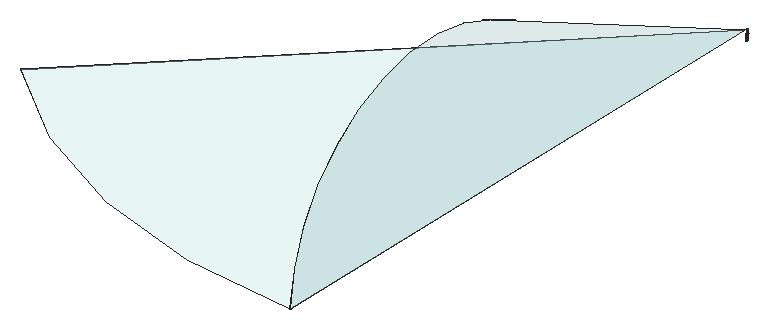
Revit family "Rotor 5000 Series - 5004+FCSAM", category Acessórios do tubo, Revit 2020
Family settings
  Cota do conector redondo = Utilizar diâmetro
  Tipo de parte = Normal
  Número OmniClass = 23.60.30.11.14
  Título OmniClass = Pipework Fittings
  Com base no plano de trabalho = Não
  Sempre na vertical = Sim
  Corte com vazios quando carregada = Não
  Compartilhado = Não
Parameters (values of type "Rain Curtain 6.0")
  Water = Water
  URL = "https://www.rainbird.com/"
  TABLE 65 = "TABLE 65psi"
  TABLE 55 75 = "TABLE 55 75psi"
  TABLE 55 = "TABLE 55psi"
  TABLE 45 = "TABLE 45psi"
  TABLE 35 = "TABLE 35psi"
  TABLE 25 = "TABLE 25psi"
  SupportProjetos: Reviw Date = ""  # constant formula
  SupportProjetos: Reviw = "R00"  # constant formula
  SupportProjetos: Level of Detail = "LOD 300"  # constant formula
  SupportProjetos: Developed = "MICHEL SOARES MOTA"  # constant formula
  SupportProjetos: Creation Date = "07/08/2020"  # constant formula
  Side inlet = no
  Rotation Water Visibility [instance] = Pop up on  # yes
  Rotation Angle [instance] = 45.00°
  RainBird: Product Link = "https://www.rainbird.com/"
  RainBird: Description = "5004+FC-SAM Rotor "  # constant formula
  RainBird: Comment [instance] = ""
  RainBird: Code = ""  # constant formula
  Radius [instance] = if(and(Pressure = 25.0 psi, Instance < 25 ft), size_lookup(TABLE 25, "Radius", 0 ft, Instance), if(and(Pressure = 35.0 psi, Instance < 25 ft), size_lookup(TABLE 35, "Radius", 0 ft, Instance), if(and(Pressure = 45.0 psi, Instance < 25 ft), size_lookup(TABLE 45, "Radius", 0 ft, Instance), if(and(Pressure = 55.0 psi, Instance < 13 ft), size_lookup(TABLE 55, "Radius", 0 ft, Instance), if(and(Pressure = 65.0 psi, Instance < 13 ft), size_lookup(TABLE 65, "Radius", 0 ft, Instance), if(and(Pressure > 55.0 psi, Instance > 13 ft), size_lookup(TABLE 55 75, "Radius", 0 ft, Instance), 0 ft))))))  # 50 ft
  RT = 0.009893 ft
  RN = 0.032808 ft
  R5 = 0.03937 ft
  R4 = 0.04101 ft
  R3 = 0.065617 ft
  R2 = 0.075407 ft
  R1 = 0.032808 ft
  Pressure [instance] = 55.0 psi
  Pop up height = 0.334646 ft
  Pop up on [instance] = yes
  Modelo = "5004+FCSAM"  # constant formula
  Instance = 7 ft
  H1 = Body height / 3  # 0.194663 ft
  Flow [instance] = if(and(Pressure = 25.0 psi, Instance < 25 ft), size_lookup(TABLE 25, "Flow", 0.0 GPM, Instance), if(and(Pressure = 35.0 psi, Instance < 25 ft), size_lookup(TABLE 35, "Flow", 0.0 GPM, Instance), if(and(Pressure = 45.0 psi, Instance < 25 ft), size_lookup(TABLE 45, "Flow", 0.0 GPM, Instance), if(and(Pressure = 55.0 psi, Instance < 13 ft), size_lookup(TABLE 55, "Flow", 0.0 GPM, Instance), if(and(Pressure = 65.0 psi, Instance < 13 ft), size_lookup(TABLE 65, "Flow", 0.0 GPM, Instance), if(and(Pressure > 55.0 psi, Instance > 13 ft), size_lookup(TABLE 55 75, "Flow", 0.0 GPM, Instance), 0.0 GPM))))))  # 6.63 GPM
  Fabricante = "Rain Bird"
  Elevação padrão = 0 ft
  Description = RainBird: Description  # "5004+FC-SAM Rotor "
  DD13 = 0.002625 ft
  DD12 = 0.003937 ft
  DD11 = 0.009897 ft
  DD10 = 0.016404 ft
  DD8 [instance] = if(Pop up on, Pop up height, 0 ft)  # 0.334646 ft
  DD7 = 0.019685 ft
  DD6 [instance] = 0.016404 ft
  DD5 = 0.065617 ft
  DD4 = 0.032808 ft
  DD3 = 0.091048 ft
  DD2 [instance] = 0.024514 ft
  DD9 [instance] = if(Pop up on, Pop up height + 0.049541 ft, 0 ft)  # 0.384186 ft
  DD1 = 0.006562 ft
  Conection = 0.062664 ft  # constant formula
  Body height = 0.58399 ft
  Blue = Blue Plastic
  Black Plastic = Black Plastic
  Angle = 25.00°
Types (25, lengths in ft): name | Rotation Angle | Radius | Pressure | Instance | Flow
  (no name) | 45.00° | 50 | 55.0 psi | 7 | 6.63 GPM
  Rain Curtain 1.5 | 180.00° | 33 | 25.0 psi | 1 | 1.12 GPM
  Rain Curtain 2.0 | 180.00° | 35 | 25.0 psi | 2 | 1.5 GPM
  Rain Curtain 3.0 | 180.00° | 36 | 25.0 psi | 4 | 2.26 GPM
  Rain Curtain 4.0 | 180.00° | 36 | 25.0 psi | 5 | 2.91 GPM
  Rain Curtain 5.0 | 180.00° | 37 | 25.0 psi | 6 | 3.72 GPM
  Rain Curtain 6.0 | 45.00° | 50 | 55.0 psi | 7 | 6.63 GPM
  Rain Curtain 8.0 | 180.00° | 33 | 25.0 psi | 8 | 5.9 GPM
  Rain Curtain 2.5 | 180.00° | 35 | 25.0 psi | 3 | 1.81 GPM
  1.0 LA | 180.00° | 25 | 25.0 psi | 9 | 0.76 GPM
  1.5 LA | 180.00° | 27 | 25.0 psi | 10 | 1.15 GPM
  2.0 LA | 180.00° | 29 | 25.0 psi | 11 | 1.47 GPM
  3.0 LA | 180.00° | 29 | 25.0 psi | 12 | 2.23 GPM
  PRS Rain Curtain 1.5 | 180.00° | 33 | 25.0 psi | 13 | 1.12 GPM
  PRS Rain Curtain 2.0 | 180.00° | 35 | 25.0 psi | 14 | 1.5 GPM
  PRS Rain Curtain 2.5 | 180.00° | 35 | 25.0 psi | 15 | 1.81 GPM
  PRS Rain Curtain 3.0 | 180.00° | 36 | 25.0 psi | 16 | 2.26 GPM
  PRS Rain Curtain 4.0 | 180.00° | 36 | 25.0 psi | 17 | 2.91 GPM
  PRS Rain Curtain 5.0 | 180.00° | 37 | 25.0 psi | 18 | 3.72 GPM
  PRS Rain Curtain 6.0 | 180.00° | 37 | 25.0 psi | 19 | 4.25 GPM
  PRS Rain Curtain 8.0 | 180.00° | 33 | 25.0 psi | 20 | 5.9 GPM
  PRS 1.0 LA | 180.00° | 25 | 25.0 psi | 21 | 0.76 GPM
  PRS 1.5 LA | 180.00° | 27 | 25.0 psi | 22 | 1.15 GPM
  PRS 2.0 LA | 180.00° | 29 | 25.0 psi | 23 | 1.47 GPM
  PRS 3.0 LA | 180.00° | 29 | 25.0 psi | 24 | 2.23 GPM
Reference planes (ft)
  plane 1 "Centro (Frente/Trás)": y = 0
  plane 2: z = 0
  plane 3 "Centro (Esquerda/Direita)": x = 0
  plane 4: z = 0.003937
  plane 5: z = 0.002625
  plane 6: y = -0.065617
Forms (ft)
  Revolve 1, solid, material "Black Plastic" <- "Black Plastic"
    sketch origin (0, 0, 0) x (1, 0, 0) y (0, 0, 1)
      loop
        line (0.075407, -0.091048) -> (0.075407, -0.035324)
        arc (0.075407, -0.035324) -> (0.072509, -0.028329) -> (0.065514, -0.025431) r 0.009893
        line (0.065514, -0.025431) -> (0.046098, -0.025431) -> (0.046098, 0) -> (0.03937, 0) -> (0.03937, -0.334646) -> (0.019685, -0.334646) -> (0.019685, -0.577428) -> (0.032808, -0.577428) -> (0.032808, -0.58399) -> (0.04101, -0.58399) -> (0.04101, -0.577428) -> (0.055724, -0.577428)
        arc (0.055724, -0.577428) -> (0.062719, -0.57453) -> (0.065617, -0.567535) r 0.009893
        line (0.065617, -0.567535) -> (0.065617, -0.091048) -> (0.075407, -0.091048)
      axis (0, -0.58399) -> (0, 0)
    angle from 0 to 360
  Extrusion 2, solid, material "Black Plastic" <- "Black Plastic"
    sketch origin (0, 0, 0) x (1, 0, 0) y (0, 1, 0)
      loop
        circle (0, 0) r 0.032808
    from -0.334646 to 0.334646
  Extrusion 3, void
    sketch origin (0, 0, 0) x (1, 0, 0) y (0, 1, 0)
      loop
        circle (0, 0) r 0.022844
    from -0.334646 to 0.334646
  Revolve 4, solid, material "Black Plastic" <- "Black Plastic"
    sketch origin (0, 0, 0) x (1, 0, 0) y (0, 0, 1)
      loop
        line (0, 0.334646) -> (0.037004, 0.334646) -> (0.037004, 0.344543)
        arc (0.037004, 0.344543) -> (0.01879, 0.349436) -> (0, 0.35105) r 0.10685
        line (0, 0.35105) -> (0, 0.334646)
      axis (0, 0.334646) -> (0, 0.35105)
    angle from 0 to 360
  Extrusion 5, solid, material "Blue Plastic" <- "Blue"
    sketch origin (0, 0, 0) x (1, 0, 0) y (0, 0, 1)
      loop
        circle (0, 0.310131) r 0.009129
      loop
        circle (0, 0.310131) r 0.004793
    from 0 to 0.034386
  Extrusion 6, void
    sketch origin (0, 0, 0) x (1, 0, 0) y (0, 0, 1)
      loop
        line (-0.02074, 0.328055) -> (-0.02074, 0.282426) -> (0.020672, 0.282426) -> (0.020672, 0.328055) -> (-0.02074, 0.328055)
      loop
        line (-0.018439, 0.325179) -> (-0.018439, 0.285685) -> (0.018179, 0.285685) -> (0.018179, 0.325179) -> (-0.018439, 0.325179)
    from 0.024556 to 0.06931
  Extrusion 7, solid, material "Black Plastic" <- "Black Plastic"
    sketch origin (0, 0, 0) x (1, 0, 0) y (0, 0, 1)
      loop
        line (0.046098, 0) -> (0.046098, -0.036876) -> (0.073493, -0.036876) -> (0.046098, 0)
    from -0.002998 to 0.002998
  Extrusion 8, solid, material "Black Plastic" <- "Black Plastic"
    sketch origin (0, 0, 0) x (-1, 0, 0) y (0, 0, -1)
      loop
        line (0.046098, 0) -> (0.073493, 0.036876) -> (0.046098, 0.036876) -> (0.046098, 0)
    from -0.002998 to 0.002998
  Extrusion 9, solid, material "Black Plastic" <- "Black Plastic"
    sketch origin (0, 0, 0) x (0.866025, 0.5, 0) y (0, 0, 1)
      loop
        line (0.046098, 0) -> (0.046098, -0.036876) -> (0.073493, -0.036876) -> (0.046098, 0)
    from -0.002998 to 0.002998
  Extrusion 10, solid, material "Black Plastic" <- "Black Plastic"
    sketch origin (0, 0, 0) x (-0.866025, -0.5, 0) y (0, 0, -1)
      loop
        line (0.046098, 0) -> (0.073493, 0.036876) -> (0.046098, 0.036876) -> (0.046098, 0)
    from -0.002998 to 0.002998
  Extrusion 11, solid, material "Black Plastic" <- "Black Plastic"
    sketch origin (0, 0, 0) x (0, 1, 0) y (0, 0, 1)
      loop
        line (0.046098, 0) -> (0.046098, -0.036876) -> (0.073493, -0.036876) -> (0.046098, 0)
    from -0.002998 to 0.002998
  Extrusion 12, solid, material "Black Plastic" <- "Black Plastic"
    sketch origin (0, 0, 0) x (0, -1, 0) y (0, 0, -1)
      loop
        line (0.046098, 0) -> (0.073493, 0.036876) -> (0.046098, 0.036876) -> (0.046098, 0)
    from -0.002998 to 0.002998
  Extrusion 13, solid, material "Black Plastic" <- "Black Plastic"
    sketch origin (0, 0, 0) x (0.5, 0.866025, 0) y (0, 0, 1)
      loop
        line (0.046098, 0) -> (0.046098, -0.036876) -> (0.073493, -0.036876) -> (0.046098, 0)
    from -0.002998 to 0.002998
  Extrusion 14, solid, material "Black Plastic" <- "Black Plastic"
    sketch origin (0, 0, 0) x (-0.5, -0.866025, 0) y (0, 0, -1)
      loop
        line (0.046098, 0) -> (0.073493, 0.036876) -> (0.046098, 0.036876) -> (0.046098, 0)
    from -0.002998 to 0.002998
  Extrusion 15, solid, material "Black Plastic" <- "Black Plastic"
    sketch origin (0, 0, 0) x (-0.5, 0.866025, 0) y (0, 0, 1)
      loop
        line (0.046098, 0) -> (0.046098, -0.036876) -> (0.073493, -0.036876) -> (0.046098, 0)
    from -0.002998 to 0.002998
  Extrusion 16, solid, material "Black Plastic" <- "Black Plastic"
    sketch origin (0, 0, 0) x (0.5, -0.866025, 0) y (0, 0, -1)
      loop
        line (0.046098, 0) -> (0.073493, 0.036876) -> (0.046098, 0.036876) -> (0.046098, 0)
    from -0.002998 to 0.002998
  Extrusion 17, solid, material "Black Plastic" <- "Black Plastic"
    sketch origin (0, 0, 0) x (-0.866025, 0.5, 0) y (0, 0, 1)
      loop
        line (0.046098, 0) -> (0.046098, -0.036876) -> (0.073493, -0.036876) -> (0.046098, 0)
    from -0.002998 to 0.002998
  Extrusion 18, solid, material "Black Plastic" <- "Black Plastic"
    sketch origin (0, 0, 0) x (0.866025, -0.5, 0) y (0, 0, -1)
      loop
        line (0.046098, 0) -> (0.073493, 0.036876) -> (0.046098, 0.036876) -> (0.046098, 0)
    from -0.002998 to 0.002998
  Extrusion 19, void
    sketch origin (0, 0, 0) x (1, 0, 0) y (0, 1, 0)
      loop
        line (-0.002998, 0.077702) -> (-0.002998, 0.071655) -> (0.002998, 0.071655) -> (0.002998, 0.077702) -> (-0.002998, 0.077702)
    from -0.091048 to 0.82021
  Extrusion 20, void
    sketch origin (0, 0, 0) x (1, 0, 0) y (0, 1, 0)
      loop
        line (0.002998, -0.077702) -> (0.002998, -0.071655) -> (-0.002998, -0.071655) -> (-0.002998, -0.077702) -> (0.002998, -0.077702)
    from -0.091048 to 0.82021
  Extrusion 21, void
    sketch origin (0, 0, 0) x (0.965926, 0.258819, 0) y (-0.258819, 0.965926, 0)
      loop
        line (-0.002998, 0.077702) -> (-0.002998, 0.071655) -> (0.002998, 0.071655) -> (0.002998, 0.077702) -> (-0.002998, 0.077702)
    from -0.091048 to 0.82021
  Extrusion 22, void
    sketch origin (0, 0, 0) x (0.965926, 0.258819, 0) y (-0.258819, 0.965926, 0)
      loop
        line (0.002998, -0.077702) -> (0.002998, -0.071655) -> (-0.002998, -0.071655) -> (-0.002998, -0.077702) -> (0.002998, -0.077702)
    from -0.091048 to 0.82021
  Extrusion 23, void
    sketch origin (0, 0, 0) x (0.866025, 0.5, 0) y (-0.5, 0.866025, 0)
      loop
        line (-0.002998, 0.077702) -> (-0.002998, 0.071655) -> (0.002998, 0.071655) -> (0.002998, 0.077702) -> (-0.002998, 0.077702)
    from -0.091048 to 0.82021
  Extrusion 24, void
    sketch origin (0, 0, 0) x (0.866025, 0.5, 0) y (-0.5, 0.866025, 0)
      loop
        line (0.002998, -0.077702) -> (0.002998, -0.071655) -> (-0.002998, -0.071655) -> (-0.002998, -0.077702) -> (0.002998, -0.077702)
    from -0.091048 to 0.82021
  Extrusion 25, void
    sketch origin (0, 0, 0) x (0.5, 0.866025, 0) y (-0.866025, 0.5, 0)
      loop
        line (-0.002998, 0.077702) -> (-0.002998, 0.071655) -> (0.002998, 0.071655) -> (0.002998, 0.077702) -> (-0.002998, 0.077702)
    from -0.091048 to 0.82021
  Extrusion 26, void
    sketch origin (0, 0, 0) x (0.5, 0.866025, 0) y (-0.866025, 0.5, 0)
      loop
        line (0.002998, -0.077702) -> (0.002998, -0.071655) -> (-0.002998, -0.071655) -> (-0.002998, -0.077702) -> (0.002998, -0.077702)
    from -0.091048 to 0.82021
  Extrusion 27, void
    sketch origin (0, 0, 0) x (0.707107, 0.707107, 0) y (-0.707107, 0.707107, 0)
      loop
        line (-0.002998, 0.077702) -> (-0.002998, 0.071655) -> (0.002998, 0.071655) -> (0.002998, 0.077702) -> (-0.002998, 0.077702)
    from -0.091048 to 0.82021
  Extrusion 28, void
    sketch origin (0, 0, 0) x (0.707107, 0.707107, 0) y (-0.707107, 0.707107, 0)
      loop
        line (0.002998, -0.077702) -> (0.002998, -0.071655) -> (-0.002998, -0.071655) -> (-0.002998, -0.077702) -> (0.002998, -0.077702)
    from -0.091048 to 0.82021
  Extrusion 29, void
    sketch origin (0, 0, 0) x (0.258819, 0.965926, 0) y (-0.965926, 0.258819, 0)
      loop
        line (-0.002998, 0.077702) -> (-0.002998, 0.071655) -> (0.002998, 0.071655) -> (0.002998, 0.077702) -> (-0.002998, 0.077702)
    from -0.091048 to 0.82021
  Extrusion 30, void
    sketch origin (0, 0, 0) x (0.258819, 0.965926, 0) y (-0.965926, 0.258819, 0)
      loop
        line (0.002998, -0.077702) -> (0.002998, -0.071655) -> (-0.002998, -0.071655) -> (-0.002998, -0.077702) -> (0.002998, -0.077702)
    from -0.091048 to 0.82021
  Extrusion 31, void
    sketch origin (0, 0, 0) x (0, 1, 0) y (-1, 0, 0)
      loop
        line (-0.002998, 0.077702) -> (-0.002998, 0.071655) -> (0.002998, 0.071655) -> (0.002998, 0.077702) -> (-0.002998, 0.077702)
    from -0.091048 to 0.82021
  Extrusion 32, void
    sketch origin (0, 0, 0) x (0, 1, 0) y (-1, 0, 0)
      loop
        line (0.002998, -0.077702) -> (0.002998, -0.071655) -> (-0.002998, -0.071655) -> (-0.002998, -0.077702) -> (0.002998, -0.077702)
    from -0.091048 to 0.82021
  Extrusion 33, void
    sketch origin (0, 0, 0) x (-0.258819, 0.965926, 0) y (-0.965926, -0.258819, 0)
      loop
        line (-0.002998, 0.077702) -> (-0.002998, 0.071655) -> (0.002998, 0.071655) -> (0.002998, 0.077702) -> (-0.002998, 0.077702)
    from -0.091048 to 0.82021
  Extrusion 34, void
    sketch origin (0, 0, 0) x (-0.258819, 0.965926, 0) y (-0.965926, -0.258819, 0)
      loop
        line (0.002998, -0.077702) -> (0.002998, -0.071655) -> (-0.002998, -0.071655) -> (-0.002998, -0.077702) -> (0.002998, -0.077702)
    from -0.091048 to 0.82021
  Extrusion 35, void
    sketch origin (0, 0, 0) x (-0.5, 0.866025, 0) y (-0.866025, -0.5, 0)
      loop
        line (-0.002998, 0.077702) -> (-0.002998, 0.071655) -> (0.002998, 0.071655) -> (0.002998, 0.077702) -> (-0.002998, 0.077702)
    from -0.091048 to 0.82021
  Extrusion 36, void
    sketch origin (0, 0, 0) x (-0.5, 0.866025, 0) y (-0.866025, -0.5, 0)
      loop
        line (0.002998, -0.077702) -> (0.002998, -0.071655) -> (-0.002998, -0.071655) -> (-0.002998, -0.077702) -> (0.002998, -0.077702)
    from -0.091048 to 0.82021
  Extrusion 37, void
    sketch origin (0, 0, 0) x (-0.707107, 0.707107, 0) y (-0.707107, -0.707107, 0)
      loop
        line (-0.002998, 0.077702) -> (-0.002998, 0.071655) -> (0.002998, 0.071655) -> (0.002998, 0.077702) -> (-0.002998, 0.077702)
    from -0.091048 to 0.82021
  Extrusion 38, void
    sketch origin (0, 0, 0) x (-0.707107, 0.707107, 0) y (-0.707107, -0.707107, 0)
      loop
        line (0.002998, -0.077702) -> (0.002998, -0.071655) -> (-0.002998, -0.071655) -> (-0.002998, -0.077702) -> (0.002998, -0.077702)
    from -0.091048 to 0.82021
  Extrusion 39, void
    sketch origin (0, 0, 0) x (-0.866025, 0.5, 0) y (-0.5, -0.866025, 0)
      loop
        line (-0.002998, 0.077702) -> (-0.002998, 0.071655) -> (0.002998, 0.071655) -> (0.002998, 0.077702) -> (-0.002998, 0.077702)
    from -0.091048 to 0.82021
  Extrusion 40, void
    sketch origin (0, 0, 0) x (-0.866025, 0.5, 0) y (-0.5, -0.866025, 0)
      loop
        line (0.002998, -0.077702) -> (0.002998, -0.071655) -> (-0.002998, -0.071655) -> (-0.002998, -0.077702) -> (0.002998, -0.077702)
    from -0.091048 to 0.82021
  Extrusion 41, void
    sketch origin (0, 0, 0) x (-0.965926, 0.258819, 0) y (-0.258819, -0.965926, 0)
      loop
        line (-0.002998, 0.077702) -> (-0.002998, 0.071655) -> (0.002998, 0.071655) -> (0.002998, 0.077702) -> (-0.002998, 0.077702)
    from -0.091048 to 0.82021
  Extrusion 42, void
    sketch origin (0, 0, 0) x (-0.965926, 0.258819, 0) y (-0.258819, -0.965926, 0)
      loop
        line (0.002998, -0.077702) -> (0.002998, -0.071655) -> (-0.002998, -0.071655) -> (-0.002998, -0.077702) -> (0.002998, -0.077702)
    from -0.091048 to 0.82021
  Extrusion 43, solid, material "Water" <- "Water", visible <- "Rotation Water Visibility"
    sketch origin (0, 0, 0) x (0, 1, 0) y (0, 0, 1)
      loop
        line (-0.032808, 0.310131) -> (-28.112196, 13.403765)
        arc (-28.112196, 13.403765) -> (-42.542576, 12.666347) -> (-50.032808, 0.310131) r 15.426605
        line (-50.032808, 0.310131) -> (-0.032808, 0.310131)
    from -0.008202 to 0.008202
Cuts and joins
  Extrusion 3, Extrusion 6 cuts Extrusion 2
  Extrusion 19, Extrusion 20, Extrusion 21, Extrusion 22, Extrusion 23, Extrusion 24, Extrusion 25, Extrusion 26, Extrusion 27, Extrusion 28, Extrusion 29, Extrusion 30, Extrusion 31, Extrusion 32, Extrusion 33, Extrusion 34, Extrusion 35, Extrusion 36, Extrusion 37, Extrusion 38, Extrusion 39, Extrusion 40, Extrusion 41, Extrusion 42 cuts Revolve 1
Dimensions and locks (ft)
  "Body height": level to Revolve 1 sketch curve
  "R2": Revolve 1 sketch curve to plane 3 "Centro (Esquerda/Direita)"
  "DD1": Revolve 1 sketch curve to Revolve 1 sketch curve
  "DD3": level to Revolve 1 sketch curve
  Revolve 1 sketch curve to plane 3 "Centro (Esquerda/Direita)" = 0.065617 ft
  "R4": Revolve 1 sketch curve to plane 3 "Centro (Esquerda/Direita)"
  "RN": Revolve 1 sketch curve to plane 3 "Centro (Esquerda/Direita)"
  "Pop up height": level to Revolve 1 sketch curve
  "R5": plane 3 "Centro (Esquerda/Direita)" to Revolve 1 sketch curve
  "DD7": Revolve 1 sketch curve to plane 3 "Centro (Esquerda/Direita)"
  "DD8": Extrusion 2 to level
  "DD12": plane 4 to level
  "DD13": plane 5 to level
  "R3": plane 6 to plane 1 "Centro (Frente/Trás)"
  "DD5": Revolve 1 sketch curve to Revolve 1 sketch curve
  "DD10": Revolve 4 sketch curve to Revolve 4 sketch curve
  "DD11": Revolve 4 sketch curve to Revolve 4 sketch curve
  "DD2": Revolve 4 to Extrusion 5 sketch curve  (x2)
  Extrusion 7 to plane 3 "Centro (Esquerda/Direita)" = 0.046098 ft
  equal spacing: Extrusion 7, plane 1 "Centro (Frente/Trás)", Extrusion 7
  Extrusion 8 to Extrusion 8 = 0.005995 ft
  Extrusion 9 to Extrusion 9 = 0.005995 ft
  Extrusion 20 sketch curve to Extrusion 20 sketch curve = 0.005995 ft
  Extrusion 22 sketch curve to Extrusion 22 sketch curve = 0.005995 ft
  Extrusion 24 sketch curve to Extrusion 24 sketch curve = 0.005995 ft
  Extrusion 26 sketch curve to Extrusion 26 sketch curve = 0.005995 ft
  Extrusion 28 sketch curve to Extrusion 28 sketch curve = 0.005995 ft
  Extrusion 30 sketch curve to Extrusion 30 sketch curve = 0.005995 ft
  Extrusion 32 sketch curve to Extrusion 32 sketch curve = 0.005995 ft
  Extrusion 34 sketch curve to Extrusion 34 sketch curve = 0.005995 ft
  Extrusion 36 sketch curve to Extrusion 36 sketch curve = 0.005995 ft
  Extrusion 38 sketch curve to Extrusion 38 sketch curve = 0.005995 ft
  Extrusion 40 sketch curve to Extrusion 40 sketch curve = 0.005995 ft
  Extrusion 42 sketch curve to Extrusion 42 sketch curve = 0.005995 ft
  "DD4": plane 1 "Centro (Frente/Trás)" to Extrusion 43 sketch curve
  "DD2": Revolve 4 to Extrusion 43 sketch curve
  "Radius": Extrusion 43 sketch curve to Extrusion 43 sketch curve
  equal spacing: Extrusion 43, plane 3 "Centro (Esquerda/Direita)", Extrusion 43
  "DD6": Extrusion 43 to Extrusion 43
  "DD2": Revolve 4 to nested 1
  "RT": radius of Revolve 1 sketch curve  (x2)
  "R1": radius of Extrusion 2 sketch curve
  "Angle": angle Extrusion 43 sketch curve to Extrusion 43 sketch curve
  aligned and locked: level to plane 2
  aligned and locked: Revolve 1 sketch curve to Revolve 1 sketch curve
  aligned and locked: Extrusion 2 to Revolve 1
  aligned and locked: cut or joined group of Extrusion 2, Extrusion 3, Extrusion 6 to cut or joined group of Extrusion 2, Extrusion 3, Extrusion 6  (x2)
  aligned and locked: Revolve 4 sketch curve to cut or joined group of Extrusion 2, Extrusion 3, Extrusion 6
  aligned and locked: Extrusion 20 to Revolve 1
  aligned and locked: Extrusion 22 to Revolve 1
  aligned and locked: Extrusion 24 to Revolve 1
  aligned and locked: Extrusion 28 to Revolve 1
  aligned and locked: Extrusion 26 to Revolve 1
  aligned and locked: Extrusion 30 to Revolve 1
  aligned and locked: Extrusion 32 to Revolve 1
  aligned and locked: Extrusion 34 to Revolve 1
  aligned and locked: Revolve 1 to Extrusion 36
  aligned and locked: Revolve 1 to Extrusion 38
  aligned and locked: Extrusion 41 to Revolve 1
  aligned and locked: Extrusion 39 to Revolve 1
  aligned and locked: Extrusion 37 to Revolve 1
  aligned and locked: Extrusion 35 to Revolve 1
  aligned and locked: Extrusion 33 to Revolve 1
  aligned and locked: Extrusion 31 to Revolve 1
  aligned and locked: Extrusion 29 to Revolve 1
  aligned and locked: Revolve 1 to Extrusion 25
  aligned and locked: Revolve 1 to Extrusion 27
  aligned and locked: Revolve 1 to Extrusion 19
  aligned and locked: Revolve 1 to Extrusion 21
  aligned and locked: Revolve 1 to Extrusion 42
  aligned and locked: Revolve 1 to Extrusion 40
  aligned and locked: Revolve 1 to Extrusion 23
Automatic sketch dimensions
  plane 1 "Centro (Frente/Trás)" to Extrusion 2 sketch curve = 0 ft
  Extrusion 2 sketch curve to plane 3 "Centro (Esquerda/Direita)" = 0 ft
  plane 1 "Centro (Frente/Trás)" to Extrusion 3 sketch curve = 0 ft
  Extrusion 3 sketch curve to plane 3 "Centro (Esquerda/Direita)" = 0 ft
  Revolve 4 sketch curve to plane 3 "Centro (Esquerda/Direita)" = 0 ft  (x2)
  plane 3 "Centro (Esquerda/Direita)" to Revolve 4 sketch curve = 0.000284 ft
  plane 3 "Centro (Esquerda/Direita)" to Revolve 4 sketch curve = 0.037004 ft
  Revolve 4 sketch curve to Revolve 4 sketch curve = 0.015719 ft
  Revolve 4 sketch curve to Revolve 4 sketch curve = 0.114829 ft
  Extrusion 5 sketch curve to Extrusion 5 sketch curve = 0 ft
  Extrusion 5 sketch curve to plane 3 "Centro (Esquerda/Direita)" = 0 ft
  Extrusion 6 sketch curve to plane 3 "Centro (Esquerda/Direita)" = 0.02074 ft
  Extrusion 6 sketch curve to Extrusion 6 sketch curve = 0.002301 ft
  plane 3 "Centro (Esquerda/Direita)" to Extrusion 6 sketch curve = 0.018179 ft
  Extrusion 6 sketch curve to Extrusion 6 sketch curve = 0.002492 ft
  plane 4 to Extrusion 6 sketch curve = 0.278489 ft
  Extrusion 6 sketch curve to Extrusion 6 sketch curve = 0.003259 ft
  Extrusion 6 sketch curve to Extrusion 6 sketch curve = 0.039494 ft
  Extrusion 6 sketch curve to Extrusion 6 sketch curve = 0.002876 ft
  Extrusion 7 sketch curve to level = 0 ft
  plane 3 "Centro (Esquerda/Direita)" to Extrusion 7 sketch curve = 0.046098 ft
  Extrusion 7 sketch curve to Extrusion 7 sketch curve = 0.027396 ft
  Extrusion 7 sketch curve to Extrusion 7 sketch curve = 0.036876 ft
  Extrusion 8 sketch curve to level = 0 ft
  plane 3 "Centro (Esquerda/Direita)" to Extrusion 8 sketch curve = 0.046098 ft
  Extrusion 8 sketch curve to Extrusion 8 sketch curve = 0.027396 ft
  Extrusion 8 sketch curve to Extrusion 8 sketch curve = 0.036876 ft
  Extrusion 9 sketch curve to level = 0 ft
  Extrusion 9 sketch curve to level = 0.036876 ft
  Extrusion 9 sketch curve to Extrusion 9 sketch curve = 0.027396 ft
  Extrusion 10 sketch curve to level = 0 ft
  Extrusion 10 sketch curve to level = 0.036876 ft
  Extrusion 10 sketch curve to Extrusion 10 sketch curve = 0.027396 ft
  Extrusion 11 sketch curve to level = 0 ft
  Extrusion 11 sketch curve to plane 1 "Centro (Frente/Trás)" = 0.046098 ft
  Extrusion 11 sketch curve to Extrusion 11 sketch curve = 0.027396 ft
  Extrusion 11 sketch curve to Extrusion 11 sketch curve = 0.036876 ft
  Extrusion 12 sketch curve to level = 0 ft
  plane 6 to Extrusion 12 sketch curve = 0.019519 ft
  Extrusion 12 sketch curve to plane 6 = 0.007877 ft
  Extrusion 12 sketch curve to level = 0.036876 ft
  Extrusion 13 sketch curve to level = 0 ft
  Extrusion 13 sketch curve to level = 0.036876 ft
  Extrusion 13 sketch curve to Extrusion 13 sketch curve = 0.027396 ft
  Extrusion 14 sketch curve to level = 0 ft
  Extrusion 14 sketch curve to level = 0.036876 ft
  Extrusion 14 sketch curve to Extrusion 14 sketch curve = 0.027396 ft
  level to Extrusion 15 sketch curve = 0 ft
  Extrusion 15 sketch curve to level = 0.036876 ft
  Extrusion 15 sketch curve to Extrusion 15 sketch curve = 0.027396 ft
  level to Extrusion 16 sketch curve = 0 ft
  Extrusion 16 sketch curve to level = 0.036876 ft
  Extrusion 16 sketch curve to Extrusion 16 sketch curve = 0.027396 ft
  level to Extrusion 17 sketch curve = 0 ft
  Extrusion 17 sketch curve to level = 0.036876 ft
  Extrusion 17 sketch curve to Extrusion 17 sketch curve = 0.027396 ft
  level to Extrusion 18 sketch curve = 0 ft
  Extrusion 18 sketch curve to level = 0.036876 ft
  Extrusion 18 sketch curve to Extrusion 18 sketch curve = 0.027396 ft
  Extrusion 19 sketch curve to plane 3 "Centro (Esquerda/Direita)" = 0.002998 ft
  Extrusion 19 sketch curve to plane 1 "Centro (Frente/Trás)" = 0.071655 ft
  Extrusion 19 sketch curve to Extrusion 19 sketch curve = 0.006047 ft
  plane 3 "Centro (Esquerda/Direita)" to Extrusion 20 sketch curve = 0.002998 ft
  plane 6 to Extrusion 20 sketch curve = 0.006038 ft
  Extrusion 20 sketch curve to Extrusion 20 sketch curve = 0.006047 ft
  plane 3 "Centro (Esquerda/Direita)" to Extrusion 19 sketch curve = 0.002998 ft
  Extrusion 21 sketch curve to plane 3 "Centro (Esquerda/Direita)" = 0.021441 ft
  Extrusion 21 sketch curve to plane 1 "Centro (Frente/Trás)" = 0.068438 ft
  Extrusion 21 sketch curve to Extrusion 21 sketch curve = 0.005995 ft
  Extrusion 21 sketch curve to Extrusion 21 sketch curve = 0.006047 ft
  Extrusion 22 sketch curve to plane 6 = 0.010213 ft
  plane 3 "Centro (Esquerda/Direita)" to Extrusion 22 sketch curve = 0.017215 ft
  Extrusion 22 sketch curve to Extrusion 22 sketch curve = 0.006047 ft
  Extrusion 23 sketch curve to plane 3 "Centro (Esquerda/Direita)" = 0.038424 ft
  Extrusion 23 sketch curve to plane 1 "Centro (Frente/Trás)" = 0.060556 ft
  Extrusion 23 sketch curve to Extrusion 23 sketch curve = 0.005995 ft
  Extrusion 23 sketch curve to Extrusion 23 sketch curve = 0.006047 ft
  Extrusion 24 sketch curve to plane 6 = 0.003174 ft
  plane 3 "Centro (Esquerda/Direita)" to Extrusion 24 sketch curve = 0.036255 ft
  Extrusion 24 sketch curve to Extrusion 24 sketch curve = 0.006047 ft
  Extrusion 25 sketch curve to plane 1 "Centro (Frente/Trás)" = 0.033231 ft
  Extrusion 25 sketch curve to plane 3 "Centro (Esquerda/Direita)" = 0.063554 ft
  Extrusion 25 sketch curve to Extrusion 25 sketch curve = 0.005995 ft
  Extrusion 25 sketch curve to Extrusion 25 sketch curve = 0.006047 ft
  Extrusion 26 sketch curve to plane 6 = 0.02417 ft
  Extrusion 26 sketch curve to plane 3 "Centro (Esquerda/Direita)" = 0.065793 ft
  Extrusion 26 sketch curve to Extrusion 26 sketch curve = 0.006047 ft
  Extrusion 27 sketch curve to plane 1 "Centro (Frente/Trás)" = 0.048548 ft
  Extrusion 27 sketch curve to plane 3 "Centro (Esquerda/Direita)" = 0.052787 ft
  Extrusion 27 sketch curve to Extrusion 27 sketch curve = 0.005995 ft
  Extrusion 27 sketch curve to Extrusion 27 sketch curve = 0.006047 ft
  plane 6 to Extrusion 28 sketch curve = 0.008554 ft
  plane 3 "Centro (Esquerda/Direita)" to Extrusion 28 sketch curve = 0.052824 ft
  Extrusion 28 sketch curve to Extrusion 28 sketch curve = 0.006047 ft
  Extrusion 29 sketch curve to plane 1 "Centro (Frente/Trás)" = 0.01565 ft
  Extrusion 29 sketch curve to plane 3 "Centro (Esquerda/Direita)" = 0.069989 ft
  Extrusion 29 sketch curve to Extrusion 29 sketch curve = 0.005995 ft
  Extrusion 29 sketch curve to Extrusion 29 sketch curve = 0.006047 ft
  plane 1 "Centro (Frente/Trás)" to Extrusion 30 sketch curve = 0.023006 ft
  plane 3 "Centro (Esquerda/Direita)" to Extrusion 30 sketch curve = 0.074278 ft
  Extrusion 30 sketch curve to Extrusion 30 sketch curve = 0.006047 ft
  plane 1 "Centro (Frente/Trás)" to Extrusion 31 sketch curve = 0.002998 ft
  Extrusion 31 sketch curve to plane 1 "Centro (Frente/Trás)" = 0.002998 ft
  Extrusion 31 sketch curve to plane 3 "Centro (Esquerda/Direita)" = 0.071655 ft
  Extrusion 31 sketch curve to Extrusion 31 sketch curve = 0.006047 ft
  plane 1 "Centro (Frente/Trás)" to Extrusion 32 sketch curve = 0.002998 ft
  plane 3 "Centro (Esquerda/Direita)" to Extrusion 32 sketch curve = 0.077702 ft
  Extrusion 32 sketch curve to Extrusion 32 sketch curve = 0.006047 ft
  plane 1 "Centro (Frente/Trás)" to Extrusion 33 sketch curve = 0.021441 ft
  Extrusion 33 sketch curve to plane 3 "Centro (Esquerda/Direita)" = 0.068438 ft
  Extrusion 33 sketch curve to Extrusion 33 sketch curve = 0.005995 ft
  Extrusion 33 sketch curve to Extrusion 33 sketch curve = 0.006047 ft
  Extrusion 34 sketch curve to plane 1 "Centro (Frente/Trás)" = 0.017215 ft
  plane 3 "Centro (Esquerda/Direita)" to Extrusion 34 sketch curve = 0.07583 ft
  Extrusion 34 sketch curve to Extrusion 34 sketch curve = 0.006047 ft
  plane 6 to Extrusion 35 sketch curve = 0.027193 ft
  Extrusion 35 sketch curve to plane 3 "Centro (Esquerda/Direita)" = 0.060556 ft
  Extrusion 35 sketch curve to Extrusion 35 sketch curve = 0.005995 ft
  Extrusion 35 sketch curve to Extrusion 35 sketch curve = 0.006047 ft
  Extrusion 36 sketch curve to plane 1 "Centro (Frente/Trás)" = 0.036255 ft
  plane 3 "Centro (Esquerda/Direita)" to Extrusion 36 sketch curve = 0.068791 ft
  Extrusion 36 sketch curve to Extrusion 36 sketch curve = 0.006047 ft
  plane 6 to Extrusion 37 sketch curve = 0.012829 ft
  Extrusion 37 sketch curve to plane 3 "Centro (Esquerda/Direita)" = 0.048548 ft
  Extrusion 37 sketch curve to Extrusion 37 sketch curve = 0.005995 ft
  Extrusion 37 sketch curve to Extrusion 37 sketch curve = 0.006047 ft
  Extrusion 38 sketch curve to plane 1 "Centro (Frente/Trás)" = 0.052824 ft
  plane 3 "Centro (Esquerda/Direita)" to Extrusion 38 sketch curve = 0.057063 ft
  Extrusion 38 sketch curve to Extrusion 38 sketch curve = 0.006047 ft
  plane 6 to Extrusion 39 sketch curve = 0.002063 ft
  Extrusion 39 sketch curve to plane 3 "Centro (Esquerda/Direita)" = 0.033231 ft
  Extrusion 39 sketch curve to Extrusion 39 sketch curve = 0.005995 ft
  Extrusion 39 sketch curve to Extrusion 39 sketch curve = 0.006047 ft
  plane 3 "Centro (Esquerda/Direita)" to Extrusion 40 sketch curve = 0.041447 ft
  Extrusion 40 sketch curve to plane 1 "Centro (Frente/Trás)" = 0.065793 ft
  Extrusion 40 sketch curve to Extrusion 40 sketch curve = 0.006047 ft
  Extrusion 41 sketch curve to plane 6 = 0.004372 ft
  Extrusion 41 sketch curve to plane 3 "Centro (Esquerda/Direita)" = 0.01565 ft
  Extrusion 41 sketch curve to Extrusion 41 sketch curve = 0.005995 ft
  Extrusion 41 sketch curve to Extrusion 41 sketch curve = 0.006047 ft
  plane 3 "Centro (Esquerda/Direita)" to Extrusion 42 sketch curve = 0.023006 ft
  Extrusion 42 sketch curve to plane 1 "Centro (Frente/Trás)" = 0.074278 ft
  Extrusion 42 sketch curve to Extrusion 42 sketch curve = 0.006047 ft
  Revolve 1 sketch curve to plane 3 "Centro (Esquerda/Direita)" = 0 ft
  Revolve 1 sketch curve to level = 0 ft
  Revolve 1 sketch curve to Revolve 1 sketch curve = 0.019416 ft
  plane 4 to Revolve 1 sketch curve = 0.079347 ft
  Revolve 1 sketch curve to Revolve 1 sketch curve = 0.918635 ft
  Extrusion 43 sketch curve to level = 0.577487 ft
  radius of Extrusion 3 sketch curve = 0.022844 ft
  radius of Extrusion 5 sketch curve = 0.009129 ft
  radius of Extrusion 5 sketch curve = 0.004793 ft
Nested families (ft)
  nested 1: "Water" at (-0.000165, 0, 0.190873) x (0, -1, 0) z (0, 0, 1), DT9 <- "DD4", Radius <- "Radius", visible <- "Rotation Water Visibility", Rotation Angle <- "Rotation Angle", type "Water"
    with Rotation Angle 45.00°, Radius 50 ft, DT9 0.032808 ft, DT8 0 ft, DT7 200 ft, DT4 250 ft, Angle 2 315.00°
Connectors (ft)
  piping at (0, 0, -0.58399), diameter 2
    settings: on cut or joined group of Revolve 1, Extrusion 19, Extrusion 20, Extrusion 21, Extrusion 22, Extrusion 23, Extrusion 24, Extrusion 25, Extrusion 26, Extrusion 27, Extrusion 28, Extrusion 29, Extrusion 30, Extrusion 31, Extrusion 32, Extrusion 33, Extrusion 34, Extrusion 35, Extrusion 36, Extrusion 37, Extrusion 38, Extrusion 39, Extrusion 40, Extrusion 41, Extrusion 42, index 1, connector inside diameter 609.6 mm, connector length 0 ft, flow factor 0, pipe flow 0.0 GPM, pressure drop 0.0 psi, fitting loss kfactor 0, connector angle 0.00°, fixture units 0, engagement length 0 ft, angle of deflection 0.00°, flow configuration 0, flow direction 0, fitting loss method 0, system type 28, joint type 0, gender type 0, connector reference index -1, connector utility 0, adjustable connector no, is connector primary yes, connector description ""
Definition of nested family "Water"
  Parameters (values of type "Water")
    Water Visibility (Circle) = yes
    Water = none
    URL = ""
    SupportProjetos: Reviw Date = ""  # constant formula
    SupportProjetos: Level of Detail = "LOD 300"  # constant formula
    SupportProjetos: Developed = "MICHEL SOARES MOTA"  # constant formula
    SupportProjetos: Creation Date = "16/07/2020"  # constant formula
    Rotation Angle [instance] = 90.00°
    Reviw = "R00"  # constant formula
    Radius [instance] = 14 ft
    Model = ""
    Default Elevation = 4 ft
    Description = ""
    DT9 [instance] = 0.032808 ft
    DT8 [instance] = if(Rotation Angle = 360.00°, 10 ft, 0 ft)  # 0 ft
    DT7 [instance] = 4 * Radius  # 56 ft
    DT4 [instance] = 5 * Radius  # 70 ft
    DT2 = 0.098425 ft  # constant formula
    DT6 = 0 ft
    Angle 2 [instance] = if(Rotation Angle = 360.00°, 180.00°, 360.00° - Rotation Angle)  # 270.00°
  Reference planes (ft)
    plane 1 "Centro (Frente/Trás)": y = 0
    plane 2: z = 0
    plane 3 "Centro (Esquerda/Direita)": x = 0
  Forms (ft)
    Revolve 1, solid, material <- "Water", visible <- "Water Visibility (Circle)"
      sketch origin (0, 0, 0) x (1, 0, 0) y (0, 0, 1)
        loop
          line (0.032808, 0.098425) -> (14.032808, 0.098425) -> (14.032808, 0.119259) -> (0.032808, 0.119259) -> (0.032808, 0.098425)
        axis (0, 0.098425) -> (0, 0.119259)
      angle from 0 to 360
    Extrusion 2, void
      sketch origin (0, 0, 0) x (1, 0, 0) y (0, 1, 0)
        loop
          line (0, 0) -> (70, 0) -> (70, 56)
          arc (70, 56) -> (-70.459018, 51.588344) -> (0, -70) r 81.847109
          line (0, -70) -> (0, 0)
      from 0 to 15.189231
  Cuts and joins
    Extrusion 2 cuts Revolve 1
  Dimensions and locks (ft)
    "DT2": Revolve 1 sketch curve to level
    "DT4": Extrusion 2 sketch curve to Extrusion 2 sketch curve  (x2)
    "DT6": Extrusion 2 sketch curve to plane 3 "Centro (Esquerda/Direita)"
    "DT7": Extrusion 2 sketch curve to Extrusion 2 sketch curve
    "DT8": cut or joined group of Revolve 1, Extrusion 2 to level
    "Radius": Revolve 1 sketch curve to Revolve 1 sketch curve
    "DT9": Revolve 1 sketch curve to plane 3 "Centro (Esquerda/Direita)"
    "Angle 2": angle Extrusion 2 sketch curve to Extrusion 2 sketch curve
    aligned and locked: level to plane 2
    aligned and locked: plane 1 "Centro (Frente/Trás)" to Extrusion 2 sketch curve
  Automatic sketch dimensions
    plane 3 "Centro (Esquerda/Direita)" to Extrusion 2 sketch curve = 1.088227 ft
    Revolve 1 sketch curve to plane 3 "Centro (Esquerda/Direita)" = 0 ft
    Revolve 1 sketch curve to Revolve 1 sketch curve = 0.020833 ft
    Revolve 1 sketch curve to Revolve 1 sketch curve = 0.032113 ft
    Revolve 1 sketch curve to Revolve 1 sketch curve = 10.2693 ft
